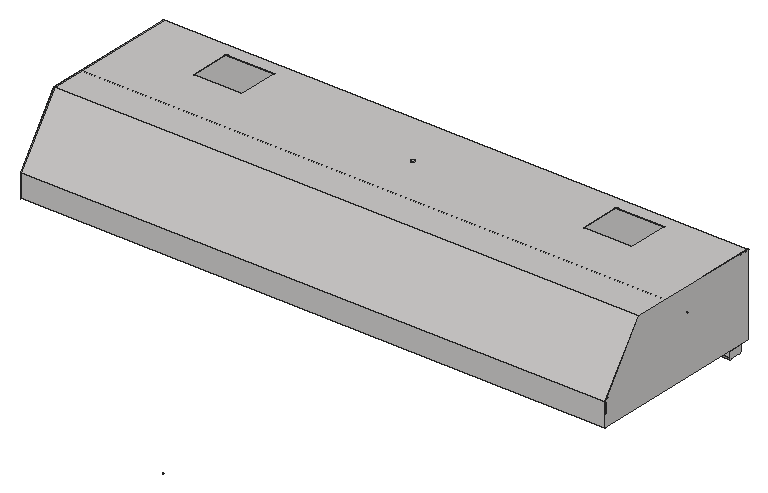
Revit family "QF_ELECTROLUXPROFESSIONAL_644226_ABPV1136BT", category Specialty Equipment, Revit 2014
Reference planes
  plane 1 "Center (Front/Back)": y = 0
  plane 2: z = 0
  plane 3 "Center (Left/Right)": x = 150
  plane 4 "LEFT": x = -1650
  plane 5 "RIGHT": x = 1950
  plane 6 "BACK": y = 550
  plane 7 "FRONT": y = -550
  plane 8 "TOP": z = 2500
  plane 9 "Base": z = 2000
  plane 10: z = 1926
  plane 11 "DrainY": y = 485
  plane 12: x = -1647
  plane 13: through (0, 414.509, 2000.8) normal (0, 0.7314, 0.682)
  plane 14: y = 470
  plane 15: y = 220
  plane 16 "DrainX": x = 1830
  plane 17: x = -900
  plane 18: x = 1200
  plane 19: x = -1200
  plane 20: x = 1500
  plane 21: x = 1947
  plane 22: x = 1740
  plane 23: x = 1920
  plane 24: x = -1610
  plane 25: x = -1245
  plane 26: x = -850
  plane 27: x = 1910
  plane 28: x = 1545
  plane 29: x = 1150
  plane 30: x = -47.5
  plane 31: x = 347.5
  plane 32: z = 2140
  plane 33: y = -289.2
Forms (mm)
  Extrusion 1, solid, material "QF_Finishes_Stainless Steel"
    sketch origin (-1650, 0, 360) x (0, 1, 0) y (0, 0, 1)
      loop
        line (550, 1640) -> (550, 2140) -> (-289.2, 2140) -> (-550, 1780) -> (-550, 1640) -> (550, 1640)
    from 0 to 3
  Extrusion 2, solid, material "QF_Finishes_Stainless Steel"
    sketch origin (150, 0, 360) x (0, 1, 0) y (0, 0, 1)
      loop
        line (415.255, 1640) -> (550, 1640) -> (550, 2139.19) -> (549.2, 2139.19) -> (549.2, 1640.8) -> (415.876, 1640.8) -> (339.347, 1722.867) -> (349.609, 1732.436) -> (348.927, 1733.167) -> (337.934, 1722.917) -> (415.255, 1640)
      loop
        line (-82.203, 2139.19) -> (-82.203, 2118.6) -> (-31.047, 2118.6) -> (34.354, 2048.466) -> (46.028, 2059.352) -> (45.346, 2060.083) -> (34.403, 2049.879) -> (-30.612, 2119.6) -> (-81.203, 2119.6) -> (-81.203, 2139.19) -> (-82.203, 2139.19)
    from -1797 to 1797
  Extrusion 3, solid, material "QF_Finishes_Stainless Steel"
    sketch origin (1950, 0, 360) x (0, 1, 0) y (0, 0, 1)
      loop
        line (550, 1640) -> (550, 2140) -> (-289.2, 2140) -> (-550, 1780) -> (-550, 1640) -> (550, 1640)
    from 0 to -3
  Extrusion 4, solid, material "QF_Finishes_Stainless Steel"
    sketch origin (150, 0, 360) x (0, 1, 0) y (0, 0, 1)
      loop
        line (550, 2139.19) -> (550, 2140) -> (-289.2, 2140) -> (-550, 1780) -> (-550, 1640) -> (-549.2, 1640) -> (-549.2, 1779.741) -> (-288.799, 2139.19) -> (550, 2139.19)
    from -1800 to 1800
  Extrusion 5, solid, material "QF_Finishes_Stainless Steel"
    sketch origin (150, 0, 360) x (0, 1, 0) y (0, 0, 1)
      loop
        line (534, 1640) -> (436, 1640) -> (436, 1627) -> (443.5, 1627) -> (443.5, 1576)
        arc (443.5, 1576) -> (446.429, 1568.929) -> (453.5, 1566) r 10
        line (453.5, 1566) -> (516.5, 1566)
        arc (516.5, 1566) -> (523.571, 1568.929) -> (526.5, 1576) r 10
        line (526.5, 1576) -> (526.5, 1627) -> (534, 1627) -> (534, 1640)
    from 1590 to 1770
  Extrusion 6, solid, material "QF_Finishes_Stainless Steel"
    sketch origin (0, 0, 2000) x (0, 1, 0) y (-1, 0, 0)
      loop
        circle (485, -1830) r 20
    from -76 to -74
  Extrusion 7, solid, material "QF_Finished_Chrome"
    sketch origin (150, 0, 360) x (0, 1, 0) y (0, 0, 1)
      loop
        line (337.934, 1722.917) -> (341.591, 1726.327) -> (38.011, 2051.876) -> (34.354, 2048.466) -> (337.934, 1722.917)
    from -1395 to -1760
  Extrusion 8, solid, material "QF_Finished_Chrome"
    sketch origin (150, 0, 360) x (0, 1, 0) y (0, 0, 1)
      loop
        line (337.934, 1722.917) -> (341.591, 1726.327) -> (38.011, 2051.876) -> (34.354, 2048.466) -> (337.934, 1722.917)
    from -197.5 to -1000
  Extrusion 9, solid, material "QF_Finishes_Stainless Steel"
    sketch origin (150, 0, 360) x (0, 1, 0) y (0, 0, 1)
      loop
        line (337.934, 1722.917) -> (341.591, 1726.327) -> (38.011, 2051.876) -> (34.354, 2048.466) -> (337.934, 1722.917)
    from 1797 to 1760
  Extrusion 10, solid, material "QF_Finishes_Stainless Steel"
    sketch origin (150, 0, 360) x (0, 1, 0) y (0, 0, 1)
      loop
        line (341.588, 1726.324) -> (38.009, 2051.874) -> (34.354, 2048.466) -> (337.934, 1722.917) -> (341.588, 1726.324)
    from -1395 to -1000
  Extrusion 11, solid, material "QF_Finished_Chrome"
    sketch origin (150, 0, 360) x (0, 1, 0) y (0, 0, 1)
      loop
        line (341.588, 1726.324) -> (38.009, 2051.874) -> (34.354, 2048.466) -> (337.934, 1722.917) -> (341.588, 1726.324)
    from 1395 to 1760
  Extrusion 12, void
    sketch origin (0, 0, 2500) x (0, 1, 0) y (-1, 0, 0)
      loop
        line (470, 1200) -> (220, 1200) -> (220, 900) -> (470, 900) -> (470, 1200)
    from 0 to -10
  Extrusion 13, void
    sketch origin (940, 0, 2500) x (0, 1, 0) y (-1, 0, 0)
      loop
        line (470, -260) -> (220, -260) -> (220, -560) -> (470, -560) -> (470, -260)
    from 0 to -10
  Extrusion 14, solid, material "QF_Finishes_Stainless Steel"
    sketch origin (0, 0, 0) x (1, 0, 0) y (0, 1, 0)
      loop
        line (-1650, 550) -> (-1650, 549) -> (-1649, 549) -> (-1649, 550) -> (-1650, 550)
    from 0 to 1
  Extrusion 15, solid, material "QF_Finishes_Stainless Steel"
    sketch origin (150, 0, 360) x (0, 1, 0) y (0, 0, 1)
      loop
        line (337.934, 1722.917) -> (341.591, 1726.327) -> (38.011, 2051.876) -> (34.354, 2048.466) -> (337.934, 1722.917)
    from -1760 to -1797
  Extrusion 16, solid, material "QF_Finishes_Stainless Steel"
    sketch origin (150, 0, 360) x (0, 1, 0) y (0, 0, -1)
      loop
        line (341.588, -1726.324) -> (337.934, -1722.917) -> (34.354, -2048.466) -> (38.009, -2051.874) -> (341.588, -1726.324)
    from -1395 to -1000
  Extrusion 17, solid, material "QF_Finished_Chrome"
    sketch origin (150, 0, 360) x (0, 1, 0) y (0, 0, 1)
      loop
        line (337.934, 1722.917) -> (341.591, 1726.327) -> (38.011, 2051.876) -> (34.354, 2048.466) -> (337.934, 1722.917)
    from 1000 to 197.5
  Extrusion 18, solid, material "QF_Finishes_Stainless Steel"
    sketch origin (150, 0, 360) x (0, 1, 0) y (0, 0, -1)
      loop
        line (341.588, -1726.324) -> (337.934, -1722.917) -> (34.354, -2048.466) -> (38.009, -2051.874) -> (341.588, -1726.324)
    from -197.5 to 197.5
  Extrusion 19, solid, material "QF_Finishes_Stainless Steel"
    sketch origin (0, 0, 2500) x (0, 1, 0) y (-1, 0, 0)
      loop
        circle (220, -150) r 10
    from 0 to 1.6
Cuts and joins
  Extrusion 12, Extrusion 13 cuts Extrusion 4
  joined: Extrusion 2, Extrusion 4
Lines and regions (mm)
  reference lines
    curve 1: line (150, 34.354, 2408.466) -> (150, 34.354, 2248.466)
  symbolic lines, style "SpecialityEquipment", detail levels coarse
    curve 2: line (1950, 550, 2500) -> (-1650, 550, 2500)
    curve 3: line (-1650, 550, 2500) -> (-1650, -550, 2500)
    curve 4: line (1950, -550, 2500) -> (1950, 550, 2500)
    curve 5: line (-1650, -550, 2500) -> (1950, -550, 2500)
    curve 6: line (-1200, 220, 2500) -> (-900, 220, 2500)
    curve 7: line (-1200, 470, 2500) -> (-1200, 220, 2500)
    curve 8: line (-900, 470, 2500) -> (-1200, 470, 2500)
    curve 9: line (-900, 220, 2500) -> (-900, 470, 2500)
    curve 10: line (1200, 470, 2500) -> (1200, 220, 2500)
    curve 11: line (1200, 220, 2500) -> (1500, 220, 2500)
    curve 12: line (1500, 470, 2500) -> (1200, 470, 2500)
    curve 13: line (1500, 220, 2500) -> (1500, 470, 2500)
    curve 14: line (-1650, -289.2, 0) -> (1950, -289.2, 0)
    curve 15: line (-1650, 550, 0) -> (1950, -289.2, 0)
    curve 16: line (1950, 550, 0) -> (-1650, -289.2, 0)
Dimensions and locks
  plane 4 "LEFT" to plane 5 "RIGHT" = 3600 mm
  equal spacing: plane 4 "LEFT", plane 3 "Center (Left/Right)", plane 5 "RIGHT"
  locked: plane 8 "TOP" to plane 9 "Base" at 500
  plane 9 "Base" to plane 10 = 74 mm
  plane 6 "BACK" to plane 11 "DrainY" = 65 mm  (x2)
  plane 4 "LEFT" to plane 12 = 3 mm
  plane 6 "BACK" to plane 14 = 80 mm
  plane 14 to plane 15 = 250 mm  (x2)
  plane 16 "DrainX" to plane 5 "RIGHT" = 120 mm
  locked: plane 17 to plane 18 at 2100
  equal spacing: plane 17, plane 3 "Center (Left/Right)", plane 18
  plane 19 to plane 17 = 300 mm
  plane 18 to plane 20 = 300 mm
  plane 21 to plane 5 "RIGHT" = 3 mm
  locked: plane 22 to plane 16 "DrainX" at 90
  locked: plane 16 "DrainX" to plane 23 at 90
  plane 6 "BACK" to plane 7 "FRONT" = 1100 mm  (x2)
  equal spacing: plane 6 "BACK", plane 1 "Center (Front/Back)", plane 7 "FRONT"
  plane 15 to plane 7 "FRONT" = 770 mm
  plane 14 to plane 6 "BACK" = 80 mm
  locked: plane 4 "LEFT" to plane 24 at 40
  locked: plane 24 to plane 25 at 365
  locked: plane 25 to plane 26 at 395
  locked: plane 27 to plane 28 at 365
  locked: plane 28 to plane 29 at 395
  locked: plane 27 to plane 5 "RIGHT" at 40
  locked: plane 30 to plane 31 at 395
  equal spacing: plane 30, plane 3 "Center (Left/Right)", plane 31
  plane 26 to plane 30 = 802.5 mm
  plane 31 to plane 29 = 802.5 mm
  plane 33 to plane 7 "FRONT" = 260.8 mm
  plane 32 to plane 9 "Base" = 140 mm
  locked: plane 9 "Base" to level at 2000
  aligned and locked: level to plane 2
  aligned and locked: Extrusion 2 to Extrusion 1
  aligned and locked: Extrusion 2 to Extrusion 3
  aligned and locked: plane 5 "RIGHT" to Extrusion 4
  aligned and locked: Extrusion 4 to plane 4 "LEFT"
  aligned and locked: plane 21 to Extrusion 9
  aligned and locked: plane 19 to Extrusion 12
  aligned and locked: Extrusion 12 to plane 17
  aligned and locked: Extrusion 12 to plane 15
  aligned and locked: Extrusion 12 to plane 14
  aligned and locked: Extrusion 13 to plane 20
  aligned and locked: plane 18 to Extrusion 13
  aligned and locked: plane 23 to Extrusion 5
  aligned and locked: Extrusion 5 to plane 22
  aligned and locked: Extrusion 9 to plane 27
  aligned and locked: Extrusion 11 to plane 27
  aligned and locked: Extrusion 11 to plane 28
  aligned and locked: Extrusion 8 to plane 26
  aligned and locked: plane 26 to Extrusion 10
  aligned and locked: Extrusion 10 to plane 25
  aligned and locked: plane 25 to Extrusion 7
  aligned and locked: Extrusion 7 to plane 24
  aligned and locked: Extrusion 15 to plane 12
  aligned and locked: plane 24 to Extrusion 15
  aligned and locked: Extrusion 16 to plane 29
  aligned and locked: Extrusion 16 to plane 28
  aligned and locked: Extrusion 3 to plane 21
  aligned and locked: plane 30 to Extrusion 8
  aligned and locked: Extrusion 17 to plane 29
  aligned and locked: Extrusion 17 to plane 31
  aligned and locked: plane 31 to Extrusion 18
  aligned and locked: Extrusion 18 to plane 30
Automatic sketch dimensions
  curve 5 to plane 4 "LEFT" = 0 mm
  curve 5 to plane 7 "FRONT" = 0 mm
  curve 9 to plane 15 = 0 mm
  curve 10 to plane 15 = 0 mm
  plane 14 to curve 8 = 0 mm
  plane 14 to curve 12 = 0 mm
  curve 3 to plane 6 "BACK" = 0 mm
  curve 5 to plane 5 "RIGHT" = 0 mm
  curve 11 to plane 20 = 0 mm
  curve 10 to plane 18 = 0 mm
  curve 6 to plane 17 = 0 mm
  curve 6 to plane 19 = 0 mm
  Extrusion 2 sketch curve to plane 13 = 0 mm  (x3)
  Extrusion 2 sketch curve to plane 9 "Base" = 0 mm
  plane 13 to Extrusion 2 sketch curve = 0 mm
  Extrusion 2 sketch curve to plane 6 "BACK" = 0 mm
  Extrusion 2 sketch curve to Extrusion 2 sketch curve = 65.646 mm
  Extrusion 2 sketch curve to Extrusion 2 sketch curve = 0.682 mm  (x2)
  Extrusion 2 sketch curve to Extrusion 2 sketch curve = 10.261 mm
  plane 9 "Base" to Extrusion 2 sketch curve = 82.917 mm
  Extrusion 2 sketch curve to plane 1 "Center (Front/Back)" = 46.028 mm
  Extrusion 2 sketch curve to Extrusion 2 sketch curve = 10.942 mm
  Extrusion 2 sketch curve to Extrusion 2 sketch curve = 0.049 mm
  Extrusion 2 sketch curve to plane 8 "TOP" = 20.4 mm
  Extrusion 2 sketch curve to plane 8 "TOP" = 21.4 mm
  Extrusion 2 sketch curve to plane 8 "TOP" = 0.81 mm  (x2)
  Extrusion 2 sketch curve to Extrusion 2 sketch curve = 50.156 mm
  Extrusion 2 sketch curve to Extrusion 2 sketch curve = 1 mm
  plane 9 "Base" to Extrusion 2 sketch curve = 0.8 mm
  Extrusion 2 sketch curve to plane 6 "BACK" = 0.8 mm
  Extrusion 3 sketch curve to plane 6 "BACK" = 0 mm
  curve 1 to plane 13 = 0 mm
  curve 1 to plane 1 "Center (Front/Back)" = 34.354 mm
  Extrusion 5 sketch curve to plane 9 "Base" = 0 mm
  Extrusion 5 sketch curve to plane 10 = 0 mm
  Extrusion 5 sketch curve to plane 9 "Base" = 13 mm  (x2)
  plane 14 to Extrusion 5 sketch curve = 34 mm
  Extrusion 5 sketch curve to Extrusion 5 sketch curve = 7.5 mm  (x2)
  Extrusion 5 sketch curve to Extrusion 5 sketch curve = 10 mm
  plane 11 "DrainY" to Extrusion 5 sketch curve = 31.5 mm
  Extrusion 5 sketch curve to plane 6 "BACK" = 23.5 mm
  Extrusion 6 sketch curve to plane 11 "DrainY" = 0 mm
  Extrusion 6 sketch curve to plane 16 "DrainX" = 0 mm
  Extrusion 7 sketch curve to plane 13 = 0 mm  (x2)
  Extrusion 7 sketch curve to plane 1 "Center (Front/Back)" = 34.354 mm
  Extrusion 7 sketch curve to Extrusion 7 sketch curve = 3.657 mm
  plane 9 "Base" to Extrusion 7 sketch curve = 82.917 mm
  Extrusion 8 sketch curve to plane 13 = 0 mm  (x2)
  Extrusion 8 sketch curve to plane 1 "Center (Front/Back)" = 34.354 mm
  Extrusion 8 sketch curve to Extrusion 8 sketch curve = 3.657 mm
  plane 9 "Base" to Extrusion 8 sketch curve = 82.917 mm
  Extrusion 9 sketch curve to plane 13 = 0 mm  (x2)
  Extrusion 9 sketch curve to plane 1 "Center (Front/Back)" = 34.354 mm
  Extrusion 9 sketch curve to Extrusion 9 sketch curve = 3.657 mm
  plane 9 "Base" to Extrusion 9 sketch curve = 82.917 mm
  Extrusion 10 sketch curve to plane 13 = 0 mm  (x2)
  Extrusion 10 sketch curve to plane 1 "Center (Front/Back)" = 34.354 mm
  Extrusion 10 sketch curve to Extrusion 10 sketch curve = 3.655 mm
  plane 9 "Base" to Extrusion 10 sketch curve = 82.917 mm
  Extrusion 11 sketch curve to plane 13 = 0 mm  (x2)
  Extrusion 11 sketch curve to plane 1 "Center (Front/Back)" = 34.354 mm
  Extrusion 11 sketch curve to Extrusion 11 sketch curve = 3.655 mm
  plane 9 "Base" to Extrusion 11 sketch curve = 82.917 mm
  Extrusion 12 sketch curve to plane 15 = 0 mm
  plane 14 to Extrusion 12 sketch curve = 0 mm
  Extrusion 12 sketch curve to plane 17 = 0 mm
  Extrusion 12 sketch curve to plane 19 = 0 mm
  Extrusion 13 sketch curve to plane 15 = 0 mm
  plane 14 to Extrusion 13 sketch curve = 0 mm
  Extrusion 13 sketch curve to plane 20 = 0 mm
  Extrusion 13 sketch curve to plane 18 = 0 mm
  Extrusion 14 sketch curve to plane 4 "LEFT" = 0 mm
  Extrusion 14 sketch curve to plane 6 "BACK" = 0 mm
  plane 4 "LEFT" to Extrusion 14 sketch curve = 1 mm
  Extrusion 14 sketch curve to Extrusion 14 sketch curve = 1 mm
  Extrusion 15 sketch curve to plane 13 = 0 mm  (x2)
  Extrusion 15 sketch curve to plane 1 "Center (Front/Back)" = 34.354 mm
  Extrusion 15 sketch curve to Extrusion 15 sketch curve = 3.657 mm
  plane 9 "Base" to Extrusion 15 sketch curve = 82.917 mm
  Extrusion 16 sketch curve to plane 13 = 0 mm  (x2)
  Extrusion 16 sketch curve to plane 1 "Center (Front/Back)" = 34.354 mm
  Extrusion 16 sketch curve to Extrusion 16 sketch curve = 3.655 mm
  plane 9 "Base" to Extrusion 16 sketch curve = 82.917 mm
  Extrusion 17 sketch curve to plane 13 = 0 mm  (x2)
  Extrusion 17 sketch curve to plane 1 "Center (Front/Back)" = 34.354 mm
  Extrusion 17 sketch curve to Extrusion 17 sketch curve = 3.657 mm
  plane 9 "Base" to Extrusion 17 sketch curve = 82.917 mm
  Extrusion 18 sketch curve to plane 13 = 0 mm  (x2)
  Extrusion 18 sketch curve to plane 1 "Center (Front/Back)" = 34.354 mm
  Extrusion 18 sketch curve to Extrusion 18 sketch curve = 3.655 mm
  plane 9 "Base" to Extrusion 18 sketch curve = 82.917 mm
  curve 1 to curve 1 = 160 mm
  Extrusion 4 sketch curve to plane 7 "FRONT" = 0 mm
  Extrusion 4 sketch curve to plane 8 "TOP" = 0 mm
  Extrusion 4 sketch curve to plane 33 = 0 mm
  Extrusion 4 sketch curve to plane 6 "BACK" = 0 mm
  Extrusion 4 sketch curve to plane 9 "Base" = 0 mm
  Extrusion 4 sketch curve to plane 32 = 0 mm
  Extrusion 4 sketch curve to plane 32 = 0.259 mm
  plane 7 "FRONT" to Extrusion 4 sketch curve = 0.8 mm
  Extrusion 4 sketch curve to Extrusion 4 sketch curve = 0.81 mm
  Extrusion 4 sketch curve to plane 33 = 0.401 mm
  Extrusion 1 sketch curve to plane 7 "FRONT" = 0 mm
  Extrusion 1 sketch curve to plane 8 "TOP" = 0 mm
  Extrusion 1 sketch curve to plane 33 = 0 mm
  Extrusion 1 sketch curve to plane 6 "BACK" = 0 mm
  Extrusion 1 sketch curve to plane 9 "Base" = 0 mm
  Extrusion 1 sketch curve to plane 32 = 0 mm
  Extrusion 3 sketch curve to plane 7 "FRONT" = 0 mm
  Extrusion 3 sketch curve to plane 33 = 0 mm
  Extrusion 3 sketch curve to plane 32 = 0 mm
  Extrusion 3 sketch curve to plane 9 "Base" = 0 mm
  Extrusion 3 sketch curve to plane 8 "TOP" = 0 mm
  curve 15 to plane 4 "LEFT" = 0 mm
  curve 14 to plane 4 "LEFT" = 0 mm
  curve 16 to plane 5 "RIGHT" = 0 mm
  curve 15 to plane 5 "RIGHT" = 0 mm
  plane 33 to curve 14 = 0 mm
  curve 16 to plane 6 "BACK" = 0 mm
  curve 15 to plane 6 "BACK" = 0 mm
  Extrusion 19 sketch curve to plane 3 "Center (Left/Right)" = 0 mm
  Extrusion 19 sketch curve to plane 15 = 0 mm
  radius of Extrusion 6 sketch curve = 20 mm
  radius of Extrusion 19 sketch curve = 10 mm
Connectors
  piping at (1830, 485, 1924), diameter 20
    settings: on Extrusion 6, index 1, connector inside diameter 609.6 mm, connector length 0 mm, flow factor 0, pipe flow 0.0 L/s, pressure drop 0.0 Pa, fitting loss kfactor 0, connector angle 0.00°, fixture units 0, engagement length 0 mm, angle of deflection 0.00°, flow configuration 1, flow direction 2, fitting loss method 0, system type 16, joint type 0, gender type 0, connector reference index -1, connector utility 0, adjustable connector no, is connector primary yes, connector description "Drain"
  hvac at (-1050, 345, 2500)
    settings: on Extrusion 12, index 2, duct flow 0.0 L/s, flow factor 0, pres drop 0.0 Pa, loss coef 0, conn angle 0.00°, conn width 250 mm, conn height 300 mm, conn diameter 609.6 mm, duct sys type 3, conn prof type 1, flow config 1, flow direction 0, loss method 0, conn ref index -1, conn util no, is conn primary yes, conn desc "EXHAUST OUTLET"
  hvac at (1350, 345, 2500)
    settings: on Extrusion 13, index 3, duct flow 0.0 L/s, flow factor 0, pres drop 0.0 Pa, loss coef 0, conn angle 0.00°, conn width 250 mm, conn height 300 mm, conn diameter 609.6 mm, duct sys type 3, conn prof type 1, flow config 1, flow direction 2, loss method 0, conn ref index -1, conn util no, is conn primary no, conn desc "EXHAUST OUTLET"
  electrical at (150, 220, 2501.6)
    settings: on Extrusion 19, index 4, voltage 0 V, apparent load 0 VA, apparent load phase1 0 VA, apparent load phase2 0 VA, apparent load phase3 0 VA, power factor 1, load classification "Other", number of poles 1, system type 30, power factor state 1, is connector primary yes, connector utility no, sub classification motor no, connector description "Electrical Connection"
